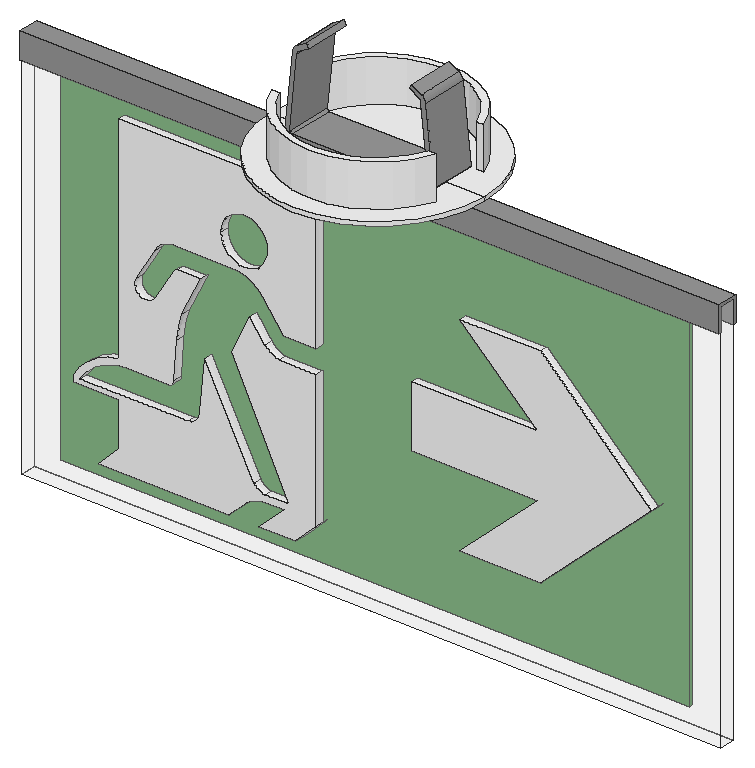
Revit family "NLRS_63_LF_UN_noodverlichting multled Stelar inbouw_hertek", category Lighting Fixtures, Revit 2021
Family settings
  Round Connector Dimension = Use Diameter
  Part Type = Normal
  OmniClass Number = 23.85.30.21
  OmniClass Title = Environmental Detection/Registration
  Work Plane-Based = No
  Always vertical = No
  Cut with Voids When Loaded = No
  Light Source = No
  Shared = Yes
  Room Calculation Point = Yes
Parameters (values of type "Multiled Stelar Series 3 dec AT inbouw wit_decentraal _hertek_NJD418-4")
  voorschakelapparaat = NLRS_63_LF_UN_voorschakelapparaat_hertek : spotlux 230v decentraal _hertek
  volgnummer [instance] = ""
  vermogensclassificatie = NV
  selecteer pictogram [instance] = NLRS_63_LF_UN_multiled stelar pictogram vluchtweg naar rechts NEN 7010_hertek : Multiled Series 3 picto vluchtroute rechts/links STELAR_hertek_NJA510-4
  afstand tot de muur [instance] = 0 mm
  afstand symbool vanaf het midden [instance] = 0 mm
  2D annotatie enkelzijdig zichtbaar [instance] = no
  2D annotatie dubbelzijdig zichtbaar [instance] = not([2D annotatie enkelzijdig zichtbaar])  # yes
  decentraal = not(centraal)  # yes
  centraal = no
  Wattage Comments = "5W"
  Type Comments = "Decentraal noodverlichtingarmatuur met volgende specificaties:\r\n\r\nType armatuur\t\t: Multiled Stelar Series-3\r\nProducent/leverancier\t: Hertek \r\nFunctie\t\t\t: Vluchtrouteaanduiding\r\nMateriaal behuizing\t                : Gecoat staal \r\nUitvoering voor\t\t: Perspex pictogramplaten\r\nMontagewijze\t\t: Inbouw  \r\nKleur\t\t\t: RAL 9003 Wit\r\nVoorzien van\t\t: Volautomatische zelftest Voedingsspanning\t                : 230VAC  \r\nFunctie\t\t\t: Continue \r\nOpgenomen vermogen\t: 3,5 Watt \r\nType lichtbron\t\t: 20 stuks laag vermogen LED’s \r\nLichtstroom nominaal\t: 150 lumen \r\nLichtstroom in nood\t                : 150 lumen \r\nAutonomietijd\t\t: 1 uur \r\nBatterij\t\t\t: LiFePO4\r\nAfmetingen\t\t: 300x170x92 mm (bxhxd)\r\nGewicht\t\t                :  \r\nWater- & stofdichtheid\t: IP 20  \r\nGarantie: 10 jaar op het armatuur en 8 jaar op de batterij\r\n\r\nLET OP: Armatuur wordt geleverd exclusief pictogramplaat.  Deze dient los besteld te worden!"
  NLRS_C_lengte = 92 mm
  NLRS_C_hoogte = 97 mm
  NLRS_C_code_artikel = "NJD418-4"
  NLRS_C_code [instance] = ""
  NLRS_C_breedte = 92 mm
  URL = ""
  NLRS_S_gewicht_netto = 1.40 kg
  NLRS_E_stroom = 0.0 A
  NLRS_E_spanning = 230 V
  NLRS_E_c01_schijnbaar_vermogen_fase_3 = 0 VA
  NLRS_E_c01_schijnbaar_vermogen_fase_2 = 0 VA
  NLRS_E_c01_schijnbaar_vermogen_fase_1 = 0 VA
  NLRS_E_c01_schijnbaar_vermogen = 5.4 VA
  NLRS_E_IPwaarde = 20
  NLRS_C_revit_versie = "2020"
  NLRS_C_omschrijving = "Multiled Stelar Series 3 dec AT inbouw wit LiFePo4 10/8YW"
  NLRS_C_model = "Multiled Stelar Series 3"
  NLRS_C_materiaal_kleur = "RAL9003"
  NLRS_C_materiaal = Staal-wit (RAL9003)
  NLRS_C_content_creator = "www.hertek.eu"
  NLRS_C_code_gtin = ""
  NLRS_C_code_fabrikant_gln = "8714253082646"  # constant formula
  NLRS_C_code_ETIM_url = "http://prod.etim-international.com/Class/Details?classId=EC001957"
  NLRS_C_code_ETIM = "EC001957"  # constant formula
  Model = ""
  Manufacturer = "Hertek"  # constant formula
  Lamp = "LED"
  IfcExportType = ""
  IfcExportAs = ""
  Description = ""
  Default Elevation = 0 mm
Reference planes
  plane 1 "Center (Front/Back)": y = 0
  plane 2: z = 0
  plane 3 "Center (Left/Right)": x = 0
  plane 4: x = -46
  plane 5: x = 46
  plane 6: y = 46
  plane 7: y = -46
  plane 8: z = 97
  plane 9: y = -250
Dimensions and locks
  equal spacing: plane 6, plane 1 "Center (Front/Back)", plane 7
  equal spacing: plane 4, plane 3 "Center (Left/Right)", plane 5
  "NLRS_C_breedte": plane 4 to plane 5
  "NLRS_C_lengte": plane 6 to plane 7
  "NLRS_C_hoogte": plane 8 to plane 2
  plane 1 "Center (Front/Back)" to plane 9 = 250 mm
  aligned and locked: nested 3 to plane 9
Nested families
  nested 1: "NLRS_63_LF_UN_noodverlichting multled stelar standaard inbouw_hertek_GEO_01" at (0, 0, -1.741), type "Multiled stelar_hertek"
    with NLRS_C_hoek_01 90.00°
  nested 2: "NLRS_63_LF_UN_voorschakelapparaat_hertek" at (-10, 95, 20), type <- "voorschakelapparaat", type "spotlux 230v decentraal _hertek", not visible
    with NLRS_C_hoek_01 0.00°, zichtbaar03 no, zichtbaar01 yes
  nested 3: "NLRS_65_GA_UN_noodverlichting_generiek_CGA" at (538.007, -250, 0), NLRS_C_code <- "NLRS_C_code", type "noodverlichting"
    with atdm 0 mm, afstand tot de muur 0 mm, afstand symbool vanaf midden 0 mm, afst mid plus 0 mm, afst mid min 0 mm, NLRS_C_code "", BMC Paneel ""
  nested 4: "NLRS_63_LF_UN_multiled stelar pictogram vluchtweg naar rechts NEN 7010_hertek" at (0, 95.5, -4.294), type <- "selecteer pictogram", afstand tot de muur <- "afstand tot de muur", afstand symbool vanaf het midden <- "afstand symbool vanaf het midden", dubbelzijdig zichtbaar <- "2D annotatie dubbelzijdig zichtbaar", type "Multiled Series 3 picto vluchtroute rechts/links STELAR_hertek_NJA510-4"
    with NLRS_C_code ""
Connectors
  electrical at (0, 0, 0), driven by "NLRS_E_spanning", driven by "NLRS_E_c01_schijnbaar_vermogen"
    settings: index 1, voltage 230 V, apparent load 0 VA, apparent load phase1 5.4 VA, apparent load phase2 0 VA, apparent load phase3 0 VA, power factor 1, load classification "Lighting", number of poles 1, system type 31, power factor state 1, is connector primary yes, connector utility no, sub classification motor no, connector description ""
Definition of nested family "NLRS_63_LF_UN_noodverlichting multled stelar standaard inbouw_hertek_GEO_01"
  Parameters (values of type "Multiled stelar_hertek")
    NLRS_C_lengte = 92 mm
    NLRS_C_hoogte = 41 mm
    NLRS_C_code_artikel = ""
    NLRS_C_breedte = 170 mm
    URL = ""
    NLRS_S_gewicht_netto = 0.00 kg
    NLRS_E_stroom = 0.0 A
    NLRS_E_spanning = 0 V
    NLRS_E_c01_schijnbaar_vermogen_fase_3 = 0 VA
    NLRS_E_c01_schijnbaar_vermogen_fase_2 = 0 VA
    NLRS_E_c01_schijnbaar_vermogen_fase_1 = 0 VA
    NLRS_E_c01_schijnbaar_vermogen = 0 VA
    NLRS_E_IPwaarde = 0
    NLRS_C_revit_versie = "2020"
    NLRS_C_omschrijving = ""
    NLRS_C_model = ""
    NLRS_C_materiaal_kleur = "RAL9003"
    NLRS_C_materiaal = none
    NLRS_C_hoek_01 [instance] = 90.00°
    NLRS_C_content_creator = "www.hertek.eu"
    NLRS_C_code_gtin = ""
    NLRS_C_code_fabrikant_gln = "8714253082646"  # constant formula
    NLRS_C_code_ETIM_url = ""
    NLRS_C_code_ETIM = ""
    Model = ""
    Manufacturer = "Hertek"  # constant formula
    IfcExportType = ""
    IfcExportAs = ""
    Description = ""
    Default Elevation = 1219.2 mm
  Types (2, lengths in mm): name | NLRS_C_hoogte | NLRS_C_revit_versie | NLRS_C_materiaal_kleur | NLRS_C_content_creator
    Multiled stelar_hertek | 41 | "2020" | "RAL9003" | "www.hertek.eu"
    spotlux aluminium_hertek | 35 | "2013" | "" | "www.cadac.com/aec"
  Reference planes
    plane 1 "Center (Front/Back)": y = 0
    plane 2: z = 0
    plane 3 "Center (Left/Right)": x = 0
    plane 4: x = -46
    plane 5: x = 46
    plane 6: y = 46
    plane 7: y = -46
    plane 8: z = 41
  Forms (mm)
    Revolve 1, solid, material <- "NLRS_C_materiaal"
      sketch origin (0, 0, -2.5) x (1, 0, 0) y (0, 0, 1)
        loop
          arc (-46, 2.5) -> (-37.122, 1.639) -> (-28.227, 0.961) r 430.415
          arc (-28.227, 0.961) -> (-14.138, 2.172) -> (0, 2.5) r 226.223
          line (0, 2.5) -> (0, 4.241) -> (-46, 4.241) -> (-46, 2.5)
        axis (0, 4.241) -> (0, 0.961)
      angle from 0 to 360
    Extrusion 2, solid, material <- "NLRS_C_materiaal"
      sketch origin (0, 0, 0) x (1, 0, 0) y (0, 1, 0)
        loop
          arc (-31.85, 12.924) -> (0.132, 34.487) -> (32.115, 12.924) r 34.5
          line (32.115, 12.924) -> (35.33, 12.924)
          arc (35.33, 12.924) -> (0.132, 37.487) -> (-35.065, 12.924) r 37.5
          line (-35.065, 12.924) -> (-31.85, 12.924)
        loop
          arc (-35.075, -12.924) -> (0.132, -37.513) -> (35.34, -12.924) r 37.5
          line (35.34, -12.924) -> (32.126, -12.924)
          arc (32.126, -12.924) -> (0.132, -34.513) -> (-31.861, -12.924) r 34.5
          line (-31.861, -12.924) -> (-35.075, -12.924)
      from 1.741 to 19.941
    Extrusion 3, solid
      sketch origin (0, 10, 0) x (1, 0, 0) y (0, 0, 1)
        loop
          line (-22.561, 41) -> (-26.712, 38.604)
          arc (-26.712, 38.604) -> (-27.979, 37.414) -> (-28.645, 35.809) r 4.135
          line (-28.645, 35.809) -> (-31.85, 3.914) -> (-29.678, 1.741) -> (29.678, 1.741) -> (31.85, 3.914) -> (28.645, 35.809)
          arc (28.645, 35.809) -> (27.979, 37.414) -> (26.712, 38.604) r 4.135
          line (26.712, 38.604) -> (22.561, 41) -> (21.561, 39.268) -> (25.693, 36.882)
          arc (25.693, 36.882) -> (26.319, 36.298) -> (26.664, 35.515) r 2.135
          line (26.664, 35.515) -> (29.765, 4.657) -> (28.849, 3.741) -> (-28.849, 3.741) -> (-29.765, 4.657) -> (-26.664, 35.515)
          arc (-26.664, 35.515) -> (-26.319, 36.298) -> (-25.693, 36.882) r 2.135
          line (-25.693, 36.882) -> (-21.561, 39.268) -> (-22.561, 41)
      from 0 to 20
  Dimensions and locks
    equal spacing: plane 6, plane 1 "Center (Front/Back)", plane 7
    equal spacing: plane 4, plane 3 "Center (Left/Right)", plane 5
    "NLRS_C_lengte": plane 4 to plane 5
    "NLRS_C_lengte": plane 6 to plane 7
    "NLRS_C_hoogte": plane 8 to plane 2
    aligned and locked: Revolve 1 to Extrusion 2
  Automatic sketch dimensions
    Revolve 1 sketch curve to level = 0 mm  (x2)
    Revolve 1 sketch curve to plane 4 = 0 mm
    Revolve 1 sketch curve to plane 3 "Center (Left/Right)" = 0 mm  (x3)
    Revolve 1 sketch curve to plane 3 "Center (Left/Right)" = 1.825 mm
    Revolve 1 sketch curve to level = 226.216 mm
    Revolve 1 sketch curve to Revolve 1 sketch curve = 1.741 mm
    plane 8 to Revolve 1 sketch curve = 386.95 mm
    Revolve 1 sketch curve to level = 2.5 mm
    Revolve 1 sketch curve to plane 8 = 2.5 mm
    Extrusion 2 sketch curve to Extrusion 2 sketch curve = 0 mm  (x6)
    plane 1 "Center (Front/Back)" to Extrusion 2 sketch curve = 0.013 mm
    plane 3 "Center (Left/Right)" to Extrusion 2 sketch curve = 0.132 mm
    Extrusion 2 sketch curve to plane 1 "Center (Front/Back)" = 12.924 mm
    Extrusion 2 sketch curve to Extrusion 2 sketch curve = 3.204 mm  (x2)
    Extrusion 2 sketch curve to Extrusion 2 sketch curve = 3.215 mm
    Extrusion 2 sketch curve to Extrusion 2 sketch curve = 3.214 mm  (x2)
    plane 4 to Extrusion 2 sketch curve = 10.935 mm
    plane 1 "Center (Front/Back)" to Extrusion 2 sketch curve = 12.924 mm
    Extrusion 3 sketch curve to Extrusion 3 sketch curve = 0 mm  (x4)
    Extrusion 3 sketch curve to plane 8 = 0 mm  (x2)
    level to Extrusion 3 sketch curve = 3.914 mm  (x2)
    plane 4 to Extrusion 3 sketch curve = 14.15 mm
    level to Extrusion 3 sketch curve = 4.657 mm  (x2)
    Extrusion 3 sketch curve to Extrusion 3 sketch curve = 2.085 mm  (x2)
    Extrusion 3 sketch curve to Extrusion 3 sketch curve = 0.088 mm
    level to Extrusion 3 sketch curve = 3.741 mm
    Extrusion 3 sketch curve to Extrusion 3 sketch curve = 0.916 mm  (x2)
    Extrusion 3 sketch curve to plane 8 = 5.191 mm  (x2)
    plane 4 to Extrusion 3 sketch curve = 17.355 mm
    Extrusion 3 sketch curve to plane 8 = 2.396 mm  (x2)
    Extrusion 3 sketch curve to Extrusion 3 sketch curve = 1.933 mm
    Extrusion 3 sketch curve to plane 8 = 5.485 mm  (x2)
    Extrusion 3 sketch curve to Extrusion 3 sketch curve = 1.98 mm
    Extrusion 3 sketch curve to plane 8 = 4.118 mm  (x2)
    Extrusion 3 sketch curve to Extrusion 3 sketch curve = 0.971 mm  (x2)
    Extrusion 3 sketch curve to Extrusion 3 sketch curve = 4.151 mm
    Extrusion 3 sketch curve to plane 8 = 1.732 mm
    plane 3 "Center (Left/Right)" to Extrusion 3 sketch curve = 21.561 mm
    Extrusion 3 sketch curve to Extrusion 3 sketch curve = 1 mm
    Extrusion 3 sketch curve to Extrusion 3 sketch curve = 3.017 mm
    plane 5 to Extrusion 3 sketch curve = 17.151 mm
    Extrusion 3 sketch curve to Extrusion 3 sketch curve = 0.828 mm
    level to Extrusion 3 sketch curve = 1.741 mm
Definition of nested family "NLRS_63_LF_UN_voorschakelapparaat_hertek"
  Parameters
    zichtbaar03 = yes
    zichtbaar02 = no
    zichtbaar01 = no
    NLRS_C_materiaal_01 = none
    NLRS_C_lengte = 250 mm
    NLRS_C_hoogte = 97 mm
    NLRS_C_code_artikel = ""
    NLRS_C_breedte = 59 mm
    URL = ""
    NLRS_S_gewicht_netto = 0.00 kg
    NLRS_E_stroom = 0.0 A
    NLRS_E_spanning = 0 V
    NLRS_E_c01_schijnbaar_vermogen_fase_3 = 0 VA
    NLRS_E_c01_schijnbaar_vermogen_fase_2 = 0 VA
    NLRS_E_c01_schijnbaar_vermogen_fase_1 = 0 VA
    NLRS_E_c01_schijnbaar_vermogen = 0 VA
    NLRS_E_IPwaarde = 0
    NLRS_C_revit_versie = "2013"
    NLRS_C_omschrijving = ""
    NLRS_C_model = ""
    NLRS_C_materiaal_kleur = ""
    NLRS_C_materiaal = none
    NLRS_C_hoek_01 [instance] = 90.00°
    NLRS_C_content_creator = "www.cadac.com/aec"
    NLRS_C_code_gtin = ""
    NLRS_C_code_fabrikant_gln = "8714253082646"  # constant formula
    NLRS_C_code_ETIM_url = ""
    NLRS_C_code_ETIM = ""
    Model = ""
    Manufacturer = "Hertek"  # constant formula
    IfcExportType = ""
    IfcExportAs = ""
    Description = ""
    Default Elevation = 1219.2 mm
  Reference planes
    plane 1 "Center (Front/Back)": y = 0
    plane 2: z = 0
    plane 3 "Center (Left/Right)": x = 0
    plane 4: x = -125
    plane 5: x = 125
    plane 6: y = 29.5
    plane 7: y = -29.5
    plane 8: z = 97
    plane 9 "afdekplaat 1": through (0, -4572, 63.078) normal (-0.9925, 0, 0.1219)
    plane 10 "afdekplaat 2": through (-87.173, -4572, 39.615) normal (-0.3411, 0, -0.94)
  Forms (mm)
    Extrusion 1, solid, material <- "NLRS_C_materiaal_01", visible <- "zichtbaar01"
      sketch origin (0, 0, 0) x (1, 0, 0) y (0, 0, 1)
        loop
          line (-101.499, 0.133) -> (-75.305, 72.324) -> (117.666, 48.63) -> (125, 61.333) -> (76.743, 78.843) -> (-73.681, 97.312) -> (-97.252, 85.133) -> (-125, 8.66) -> (-101.499, 0.133)
      from -29.5 to 29.5
    Extrusion 2, solid, material <- "NLRS_C_materiaal", visible <- "zichtbaar01"
      sketch origin (-3.365, 0, 35.676) x (-0.121869, 0, -0.992546) y (0, -1, 0)
        loop
          line (-47.607, 29.5) -> (-47.607, 30.5) -> (-53.607, 30.5) -> (-53.607, -30.5) -> (-47.607, -30.5) -> (-47.607, -29.5) -> (-52.607, -29.5) -> (-52.607, 29.5) -> (-47.607, 29.5)
      from -74.25 to 77.304
    Extrusion 3, solid, material <- "NLRS_C_materiaal", visible <- "zichtbaar01"
      sketch origin (-10.15, 0, 11.667) x (0.940032, 0, -0.341088) y (0, -1, 0)
        loop
          line (-107.937, 30.5) -> (-107.937, -30.5) -> (-102.937, -30.5) -> (-102.937, -29.5) -> (-106.937, -29.5) -> (-106.937, 29.5) -> (-102.937, 29.5) -> (-102.937, 30.5) -> (-107.937, 30.5)
      from -39.266 to 42
    Extrusion 4, solid, material <- "NLRS_C_materiaal_01", visible <- "zichtbaar02"
      sketch origin (-2.879, 0, -62.607) x (0.992546, 0, 0.121869) y (-0.121869, 0, 0.992546)
        loop
          line (-92.015, 87.839) -> (-96.692, 74.95) -> (117.666, 48.63) -> (125, 61.333) -> (76.743, 78.843) -> (-73.681, 97.312) -> (-92.015, 87.839)
      from -29.5 to 29.5
    Extrusion 5, solid, material <- "NLRS_C_materiaal_01", visible <- "zichtbaar03"
      sketch origin (-2.879, 0, -62.607) x (0.992546, 0, 0.121869) y (-0.121869, 0, 0.992546)
        loop
          line (-47.351, 82.355) -> (-52.027, 69.466) -> (107.741, 49.849) -> (115.075, 62.551) -> (66.818, 80.061) -> (-29.016, 91.828) -> (-47.351, 82.355)
      from -29.5 to 29.5
    Extrusion 6, solid, material <- "NLRS_C_materiaal", visible <- "zichtbaar02"
      sketch origin (-10.843, 0, -27.607) x (0, 0, -1) y (0, -1, 0)
        loop
          line (-47.607, 29.5) -> (-47.607, 30.5) -> (-53.607, 30.5) -> (-53.607, -30.5) -> (-47.607, -30.5) -> (-47.607, -29.5) -> (-52.607, -29.5) -> (-52.607, 29.5) -> (-47.607, 29.5)
      from -74.25 to 74.157
    Extrusion 7, solid, material <- "NLRS_C_materiaal", visible <- "zichtbaar03"
      sketch origin (-0.046, 0, -27.607) x (0, 0, -1) y (0, -1, 0)
        loop
          line (-47.607, 29.5) -> (-47.607, 30.5) -> (-53.607, 30.5) -> (-53.607, -30.5) -> (-47.607, -30.5) -> (-47.607, -29.5) -> (-52.607, -29.5) -> (-52.607, 29.5) -> (-47.607, 29.5)
      from -50.837 to 39.954
  Dimensions and locks
    equal spacing: plane 6, plane 1 "Center (Front/Back)", plane 7
    equal spacing: plane 4, plane 3 "Center (Left/Right)", plane 5
    "NLRS_C_lengte": plane 4 to plane 5
    "NLRS_C_breedte": plane 6 to plane 7
    "NLRS_C_hoogte": plane 8 to plane 2
    aligned and locked: Extrusion 1 to plane 6
    aligned and locked: Extrusion 1 to plane 7
  Automatic sketch dimensions
    Extrusion 1 sketch curve to plane 4 = 0 mm
    plane 5 to Extrusion 1 sketch curve = 0 mm
    level to Extrusion 1 sketch curve = 0.133 mm
    plane 4 to Extrusion 1 sketch curve = 23.501 mm
    Extrusion 1 sketch curve to plane 8 = 11.867 mm
    plane 4 to Extrusion 1 sketch curve = 27.748 mm
    Extrusion 1 sketch curve to plane 8 = 24.676 mm
    plane 8 to Extrusion 1 sketch curve = 0.312 mm
    Extrusion 1 sketch curve to Extrusion 1 sketch curve = 1.624 mm
    Extrusion 1 sketch curve to plane 8 = 18.157 mm
    plane 5 to Extrusion 1 sketch curve = 48.257 mm
    plane 5 to Extrusion 1 sketch curve = 7.334 mm
    Extrusion 1 sketch curve to plane 8 = 48.37 mm
    Extrusion 1 sketch curve to Extrusion 1 sketch curve = 12.703 mm
    plane 6 to Extrusion 2 sketch curve = 0 mm
    Extrusion 2 sketch curve to plane 7 = 0 mm
    Extrusion 2 sketch curve to plane 6 = 1 mm
    Extrusion 2 sketch curve to plane 7 = 1 mm
    Extrusion 2 sketch curve to Extrusion 2 sketch curve = 1 mm
    Extrusion 2 sketch curve to Extrusion 2 sketch curve = 5 mm  (x2)
    plane 7 to Extrusion 3 sketch curve = 0 mm
    Extrusion 3 sketch curve to plane 6 = 0 mm
    Extrusion 3 sketch curve to plane 7 = 1 mm
    Extrusion 3 sketch curve to plane 6 = 1 mm
    Extrusion 3 sketch curve to Extrusion 3 sketch curve = 1 mm
    Extrusion 3 sketch curve to Extrusion 3 sketch curve = 4 mm  (x2)
    Extrusion 4 sketch curve to level = 0 mm  (x2)
    plane 4 to Extrusion 4 sketch curve = 17.016 mm
    plane 5 to Extrusion 4 sketch curve = 17.016 mm
    Extrusion 4 sketch curve to Extrusion 4 sketch curve = 4.677 mm
    Extrusion 4 sketch curve to Extrusion 4 sketch curve = 18.334 mm
    Extrusion 4 sketch curve to Extrusion 4 sketch curve = 40.923 mm
    Extrusion 4 sketch curve to Extrusion 4 sketch curve = 7.334 mm
    Extrusion 4 sketch curve to Extrusion 4 sketch curve = 12.703 mm
    Extrusion 4 sketch curve to Extrusion 4 sketch curve = 30.212 mm
    Extrusion 4 sketch curve to Extrusion 4 sketch curve = 12.889 mm
    Extrusion 4 sketch curve to Extrusion 4 sketch curve = 9.473 mm
    Extrusion 5 sketch curve to level = 0 mm  (x2)
    plane 10 "afdekplaat 2" to Extrusion 5 sketch curve = 28.988 mm
    Extrusion 5 sketch curve to plane 10 "afdekplaat 2" = 25.916 mm
    Extrusion 5 sketch curve to Extrusion 5 sketch curve = 4.677 mm
    Extrusion 5 sketch curve to Extrusion 5 sketch curve = 18.334 mm
    Extrusion 5 sketch curve to Extrusion 5 sketch curve = 40.923 mm
    Extrusion 5 sketch curve to Extrusion 5 sketch curve = 7.334 mm
    Extrusion 5 sketch curve to Extrusion 5 sketch curve = 12.703 mm
    Extrusion 5 sketch curve to Extrusion 5 sketch curve = 30.212 mm
    Extrusion 5 sketch curve to Extrusion 5 sketch curve = 12.889 mm
    Extrusion 5 sketch curve to Extrusion 5 sketch curve = 9.473 mm
    Extrusion 6 sketch curve to plane 6 = 0 mm
    Extrusion 6 sketch curve to plane 7 = 0 mm
    Extrusion 6 sketch curve to plane 6 = 1 mm
    level to Extrusion 6 sketch curve = 26 mm
    Extrusion 6 sketch curve to plane 7 = 1 mm
    Extrusion 6 sketch curve to Extrusion 6 sketch curve = 1 mm
    Extrusion 6 sketch curve to Extrusion 6 sketch curve = 5 mm  (x2)
    Extrusion 7 sketch curve to plane 6 = 0 mm
    Extrusion 7 sketch curve to plane 7 = 0 mm
    Extrusion 7 sketch curve to plane 6 = 1 mm
    level to Extrusion 7 sketch curve = 26 mm
    Extrusion 7 sketch curve to plane 7 = 1 mm
    Extrusion 7 sketch curve to Extrusion 7 sketch curve = 1 mm
    Extrusion 7 sketch curve to Extrusion 7 sketch curve = 5 mm  (x2)
Definition of nested family "NLRS_63_LF_UN_multiled stelar pictogram vluchtweg naar rechts NEN 7010_hertek"
  Parameters (values of type "Multiled Series 3 picto vluchtroute rechts/links STELAR_hertek_NJA510-4")
    lengte pictogram = NLRS_C_lengte  # 270 mm
    hv = -1 * NLRS_C_hoogte  # -150 mm
    hoogte pictogram = NLRS_C_hoogte / 2  # 75 mm
    dubbelzijdig zichtbaar [instance] = yes
    afstand tot de muur [instance] = 0 mm
    afstand symbool vanaf het midden [instance] = 0 mm
    NLRS_C_revit_versie = "2020"
    NLRS_C_omschrijving = "Multiled Series 3 picto vluchtroute rechts/links STELAR"
    NLRS_C_model = "Multiled Stelar vluchtweg naar rechts/links"
    NLRS_C_materiaal_kleur = "groen"
    NLRS_C_materiaal_02 = none
    NLRS_C_materiaal_01 = none
    NLRS_C_materiaal = none
    NLRS_C_lengte_01 = 300 mm
    NLRS_C_lengte = 270 mm
    NLRS_C_hoogte_01 = 170 mm
    NLRS_C_hoogte = 150 mm
    NLRS_C_dikte_01 = 7 mm
    NLRS_C_dikte = 1.5 mm
    NLRS_C_diepte = 70 mm
    NLRS_C_content_creator = "www.hertek.eu"
    NLRS_C_code_fabrikant_gln = "8714253082646"  # constant formula
    NLRS_C_code_artikel = "NJA510-4"
    NLRS_C_code [instance] = ""
    Manufacturer = "Hertek"  # constant formula
    IfcExportType = ""
    IfcExportAs = ""
    Description = ""
    Default Elevation = 0 mm
    Assembly Code = ""
    Apparent Load = 15 VA
  Reference planes
    plane 1 "Light Source Axis (F/B)": y = -95.5
    plane 2: z = 0
    plane 3 "Light Source Axis (L/R)": x = 0
    plane 4 "Light Source Elevation": z = -160
    plane 5 "Cadac Group AEC": y = -95.5
    plane 6: y = -95.5
    plane 7: z = -10
    plane 8: x = -135
    plane 9: x = 135
    plane 10: y = -99
    plane 11: y = -92
    plane 12: x = -150
    plane 13: x = 150
    plane 14: z = -170
    plane 15: z = 0
  Forms (mm)
    Extrusion 1, solid, material <- "NLRS_C_materiaal", detail levels medium+fine
      sketch origin (0, 290, 145) x (-1, 0, 0) y (0, -1, 0)
        loop
          line (135, 385.5) -> (135, 387) -> (-135, 387) -> (-135, 385.5) -> (135, 385.5)
      from -305 to -155
    Extrusion 2, solid, material <- "NLRS_C_materiaal_02"
      sketch origin (135, -97, 145) x (-1, 0, 0) y (0, 0, -1)
        loop
          line (285, 315) -> (-15, 315) -> (-15, 145) -> (285, 145) -> (285, 315)
      from -5 to 2
    Extrusion 3, solid
      sketch origin (0, -98.5, 0) x (0, -1, 0) y (0, 0, 1)
        loop
          line (-6.5, -10) -> (-6.5, 0) -> (0.5, 0) -> (0.5, -10) -> (1.5, -10) -> (1.5, 1) -> (-7.5, 1) -> (-7.5, -10) -> (-6.5, -10)
      from -150 to 150
    Extrusion 4, solid, material <- "NLRS_C_materiaal", detail levels medium+fine
      sketch origin (0, 290, 145) x (1, 0, 0) y (0, 1, 0)
        loop
          line (135, -385.5) -> (-135, -385.5) -> (-135, -387) -> (135, -387) -> (135, -385.5)
      from -305 to -155
    Extrusion 5, solid, material <- "NLRS_C_materiaal_01", detail levels medium+fine
      sketch origin (-165, -95, 145) x (1, 0, 0) y (0, 0, 1)
        loop
          line (94.807, -241.643) -> (92.64, -262.808)
          arc (92.64, -262.808) -> (91.052, -266.64) -> (87.22, -268.228) r 5.42
          line (87.22, -268.228) -> (41.145, -268.228)
          arc (41.145, -268.228) -> (49.654, -260.113) -> (61.035, -257.16) r 23.406
          line (61.035, -257.16) -> (79.176, -257.16)
          arc (79.176, -257.16) -> (80.87, -256.458) -> (81.572, -254.764) r 2.396
          line (81.572, -254.764) -> (82.599, -238.905)
          arc (82.599, -238.905) -> (83.382, -233.393) -> (84.995, -228.065) r 36.444
          line (84.995, -228.065) -> (93.039, -211.807) -> (82.941, -211.807)
          arc (82.941, -211.807) -> (82.093, -212.202) -> (81.458, -212.891) r 2.419
          line (81.458, -212.891) -> (73.491, -225.88)
          arc (73.491, -225.88) -> (66.986, -227.439) -> (65.427, -220.934) r 4.73
          line (65.427, -220.934) -> (73.528, -207.471)
          arc (73.528, -207.471) -> (77.605, -203.745) -> (83.055, -202.85) r 9.697
          line (83.055, -202.85) -> (109.07, -202.85)
          arc (109.07, -202.85) -> (115.032, -205.1) -> (119.74, -209.395) r 16.93
          line (119.74, -209.395) -> (128.58, -221.22) -> (142.5, -221.22) -> (142.5, -162.503) -> (57.783, -162.503) -> (57.783, -254.814)
          arc (57.783, -254.814) -> (46.546, -259.03) -> (38.407, -267.849) r 25.957
          line (38.407, -267.849) -> (38.407, -270.645) -> (57.783, -270.645) -> (57.783, -289.621) -> (49.118, -298.285) -> (105.079, -298.285) -> (113.086, -290.811)
          arc (113.086, -290.811) -> (116.143, -288.798) -> (119.694, -287.909) r 10.907
          line (119.694, -287.909) -> (128.865, -287.909) -> (118.031, -298.285) -> (133.836, -298.285) -> (142.5, -289.621) -> (142.5, -231.089) -> (126.298, -231.089)
          arc (126.298, -231.089) -> (123.081, -229.684) -> (120.536, -227.267) r 10.138
          line (120.536, -227.267) -> (114.204, -218.71) -> (106.388, -235.082) -> (130.748, -285) -> (120.536, -285)
          arc (120.536, -285) -> (117.862, -284.27) -> (115.93, -282.283) r 5.263
          line (115.93, -282.283) -> (94.807, -241.643)
        loop
          line (183.555, -219.481) -> (183.555, -246.121) -> (237.805, -246.121) -> (204.302, -277.363) -> (238.94, -277.363) -> (286.727, -232.801) -> (238.94, -188.238) -> (204.302, -188.238) -> (237.805, -219.481) -> (183.555, -219.481)
        loop
          circle (111.735, -190.68) r 10.133
      from -4.807 to 5.5
  Dimensions and locks
    equal spacing: Extrusion 1 sketch curve, plane 3 "Light Source Axis (L/R)", Extrusion 1 sketch curve
    "lengte pictogram": Extrusion 1 sketch curve to Extrusion 1 sketch curve
    "NLRS_C_dikte": Extrusion 1 sketch curve to Extrusion 1 sketch curve
    "NLRS_C_hoogte": plane 7 to plane 4 "Light Source Elevation"
    "afstand tot de muur": plane 6 to plane 1 "Light Source Axis (F/B)"
    "NLRS_C_hoogte_01": plane 15 to plane 14
    "NLRS_C_lengte_01": plane 12 to plane 13
    equal spacing: plane 12, plane 3 "Light Source Axis (L/R)", plane 13
    "NLRS_C_lengte": plane 8 to plane 9
    equal spacing: plane 8, plane 3 "Light Source Axis (L/R)", plane 9
    "NLRS_C_dikte_01": plane 11 to plane 10
    equal spacing: plane 11, plane 1 "Light Source Axis (F/B)", plane 10
    Extrusion 4 sketch curve to Extrusion 4 sketch curve = 270 mm
    "lengte pictogram": Extrusion 4 sketch curve to Extrusion 4 sketch curve
    "NLRS_C_dikte": Extrusion 4 sketch curve to Extrusion 4 sketch curve
    aligned: Extrusion 1 to plane 4 "Light Source Elevation"
    aligned and locked: plane 5 "Cadac Group AEC" to plane 1 "Light Source Axis (F/B)"
    aligned: level to plane 2
    aligned and locked: plane 4 "Light Source Elevation" to Extrusion 1
    aligned and locked: Extrusion 1 to plane 1 "Light Source Axis (F/B)"
    aligned and locked: plane 7 to Extrusion 1
    aligned and locked: plane 3 "Light Source Axis (L/R)" to nested 1
    aligned and locked: Extrusion 2 sketch curve to plane 14
    aligned and locked: plane 12 to Extrusion 2 sketch curve
    aligned and locked: plane 15 to Extrusion 2 sketch curve
    aligned and locked: Extrusion 2 sketch curve to plane 13
    aligned and locked: plane 11 to Extrusion 2
    aligned and locked: Extrusion 2 to plane 13  (x2)
    aligned and locked: Extrusion 2 to plane 10
    aligned and locked: plane 13 to Extrusion 2
    aligned and locked: Extrusion 2 to plane 11
    aligned and locked: plane 12 to Extrusion 2  (x2)
    aligned and locked: plane 15 to Extrusion 2
    aligned and locked: Extrusion 2 to plane 14
    aligned and locked: Extrusion 1 to plane 7
    aligned and locked: Extrusion 1 to plane 9
    aligned and locked: Extrusion 1 to plane 4 "Light Source Elevation"
    aligned and locked: plane 8 to Extrusion 1
  Automatic sketch dimensions
    plane 1 "Light Source Axis (F/B)" to Extrusion 1 sketch curve = 0 mm
    Extrusion 3 sketch curve to plane 7 = 0 mm  (x2)
    Extrusion 3 sketch curve to plane 11 = 0 mm
    Extrusion 3 sketch curve to plane 10 = 0 mm
    Extrusion 3 sketch curve to level = 0 mm
    plane 11 to Extrusion 3 sketch curve = 1 mm
    Extrusion 3 sketch curve to plane 10 = 1 mm
    level to Extrusion 3 sketch curve = 1 mm
    plane 1 "Light Source Axis (F/B)" to Extrusion 4 sketch curve = 0 mm
    Extrusion 4 sketch curve to plane 8 = 0 mm
    Extrusion 5 sketch curve to Extrusion 5 sketch curve = 0 mm  (x4)
    Extrusion 5 sketch curve to plane 8 = 8.407 mm
    Extrusion 5 sketch curve to Extrusion 5 sketch curve = 2.738 mm  (x2)
    Extrusion 5 sketch curve to plane 4 "Light Source Elevation" = 6.715 mm  (x2)
    Extrusion 5 sketch curve to plane 8 = 19.118 mm
    Extrusion 5 sketch curve to Extrusion 5 sketch curve = 8.664 mm  (x4)
    Extrusion 5 sketch curve to Extrusion 5 sketch curve = 3.252 mm
    Extrusion 5 sketch curve to Extrusion 5 sketch curve = 7.645 mm
    Extrusion 5 sketch curve to Extrusion 5 sketch curve = 4.032 mm  (x2)
    Extrusion 5 sketch curve to Extrusion 5 sketch curve = 8.101 mm
    Extrusion 5 sketch curve to Extrusion 5 sketch curve = 18.141 mm
    Extrusion 5 sketch curve to Extrusion 5 sketch curve = 7.93 mm
    Extrusion 5 sketch curve to Extrusion 5 sketch curve = 2.396 mm  (x2)
    Extrusion 5 sketch curve to Extrusion 5 sketch curve = 0.379 mm
    Extrusion 5 sketch curve to Extrusion 5 sketch curve = 1.027 mm
    Extrusion 5 sketch curve to Extrusion 5 sketch curve = 1.104 mm
    Extrusion 5 sketch curve to Extrusion 5 sketch curve = 0.114 mm
    Extrusion 5 sketch curve to Extrusion 5 sketch curve = 1.682 mm
    Extrusion 5 sketch curve to Extrusion 5 sketch curve = 8.044 mm  (x2)
    Extrusion 5 sketch curve to plane 4 "Light Source Elevation" = 42.192 mm
    Extrusion 5 sketch curve to Extrusion 5 sketch curve = 5.42 mm
    Extrusion 5 sketch curve to Extrusion 5 sketch curve = 9.519 mm
    Extrusion 5 sketch curve to Extrusion 5 sketch curve = 12.208 mm
    Extrusion 5 sketch curve to Extrusion 5 sketch curve = 17.859 mm
    Extrusion 5 sketch curve to Extrusion 5 sketch curve = 13.142 mm
    Extrusion 5 sketch curve to Extrusion 5 sketch curve = 11.581 mm
    Extrusion 5 sketch curve to Extrusion 5 sketch curve = 2.889 mm
    Extrusion 5 sketch curve to Extrusion 5 sketch curve = 2.665 mm
    Extrusion 5 sketch curve to plane 4 "Light Source Elevation" = 14.189 mm
    Extrusion 5 sketch curve to Extrusion 5 sketch curve = 8.007 mm
    Extrusion 5 sketch curve to Extrusion 5 sketch curve = 8.023 mm
    Extrusion 5 sketch curve to plane 4 "Light Source Elevation" = 22.717 mm
    Extrusion 5 sketch curve to Extrusion 5 sketch curve = 2.844 mm
    Extrusion 5 sketch curve to Extrusion 5 sketch curve = 4.944 mm
    Extrusion 5 sketch curve to Extrusion 5 sketch curve = 12.579 mm
    Extrusion 5 sketch curve to Extrusion 5 sketch curve = 3.764 mm
    Extrusion 5 sketch curve to Extrusion 5 sketch curve = 5.536 mm
    Extrusion 5 sketch curve to Extrusion 5 sketch curve = 2.498 mm
    Extrusion 5 sketch curve to Extrusion 5 sketch curve = 6.332 mm
    Extrusion 5 sketch curve to Extrusion 5 sketch curve = 0.842 mm
    Extrusion 5 sketch curve to Extrusion 5 sketch curve = 5.762 mm
    Extrusion 5 sketch curve to Extrusion 5 sketch curve = 0.105 mm
    Extrusion 5 sketch curve to Extrusion 5 sketch curve = 8.329 mm
    Extrusion 5 sketch curve to Extrusion 5 sketch curve = 1.883 mm
    Extrusion 5 sketch curve to Extrusion 5 sketch curve = 4.97 mm
    Extrusion 5 sketch curve to plane 7 = 7.503 mm
    Extrusion 5 sketch curve to plane 3 "Light Source Axis (L/R)" = 22.5 mm
    plane 3 "Light Source Axis (L/R)" to Extrusion 5 sketch curve = 18.555 mm
    Extrusion 5 sketch curve to Extrusion 5 sketch curve = 20.747 mm  (x2)
    Extrusion 5 sketch curve to Extrusion 5 sketch curve = 33.503 mm
    Extrusion 5 sketch curve to Extrusion 5 sketch curve = 1.134 mm  (x2)
    plane 9 to Extrusion 5 sketch curve = 13.273 mm
    Extrusion 5 sketch curve to Extrusion 5 sketch curve = 0.499 mm
    Extrusion 5 sketch curve to Extrusion 5 sketch curve = 2.909 mm
    Extrusion 5 sketch curve to Extrusion 5 sketch curve = 9.055 mm
    Extrusion 5 sketch curve to plane 4 "Light Source Elevation" = 27.637 mm
    Extrusion 5 sketch curve to Extrusion 5 sketch curve = 9.922 mm
    Extrusion 5 sketch curve to Extrusion 5 sketch curve = 0.378 mm
    Extrusion 5 sketch curve to Extrusion 5 sketch curve = 31.242 mm
    Extrusion 5 sketch curve to Extrusion 5 sketch curve = 13.121 mm
    Extrusion 5 sketch curve to Extrusion 5 sketch curve = 0.384 mm
    Extrusion 5 sketch curve to Extrusion 5 sketch curve = 6.561 mm
    Extrusion 5 sketch curve to Extrusion 5 sketch curve = 13.32 mm
    Extrusion 5 sketch curve to Extrusion 5 sketch curve = 10.17 mm
    Extrusion 5 sketch curve to Extrusion 5 sketch curve = 3.822 mm
    Extrusion 5 sketch curve to Extrusion 5 sketch curve = 2.185 mm
    Extrusion 5 sketch curve to Extrusion 5 sketch curve = 2.473 mm
    Extrusion 5 sketch curve to Extrusion 5 sketch curve = 0.017 mm
    Extrusion 5 sketch curve to Extrusion 5 sketch curve = 15.551 mm
    Extrusion 5 sketch curve to Extrusion 5 sketch curve = 26.641 mm
    Extrusion 5 sketch curve to Extrusion 5 sketch curve = 0.822 mm
    Extrusion 5 sketch curve to Extrusion 5 sketch curve = 13.91 mm
    Extrusion 5 sketch curve to Extrusion 5 sketch curve = 1.265 mm
    Extrusion 5 sketch curve to Extrusion 5 sketch curve = 0.42 mm
    Extrusion 5 sketch curve to Extrusion 5 sketch curve = 9.315 mm
    Extrusion 5 sketch curve to Extrusion 5 sketch curve = 12.17 mm
    Extrusion 5 sketch curve to plane 7 = 33.238 mm
    radius of Extrusion 5 sketch curve = 10.133 mm
  Nested families
    nested 1: "NLRS_63_GA_UN_vluchtweg pijl naar links_CGA" at (0, -95.5, 0) x (-1, 0, 0) z (0, 0, 1), afstand symbool vanaf midden <- "afstand symbool vanaf het midden", afstand tot de muur <- "afstand tot de muur", visible <- "dubbelzijdig zichtbaar", type "vluchtweg pijl naar links"
      with afstand tot de muur 0 mm, afstand symbool vanaf midden 0 mm, afst voor plus 0 mm, afst voor min 0 mm, afst mid plus 0 mm, afst mid min 0 mm
    nested 2: "NLRS_63_GA_UN_vluchtweg pijl naar links_CGA" at (0, -95.5, 0) x (-1, 0, 0) z (0, 0, 1), afstand symbool vanaf midden <- "afstand symbool vanaf het midden", afstand tot de muur <- "afstand tot de muur", type "vluchtweg pijl naar links"
      with afstand tot de muur 0 mm, afstand symbool vanaf midden 0 mm, afst voor plus 0 mm, afst voor min 0 mm, afst mid plus 0 mm, afst mid min 0 mm
  Definition of nested family "NLRS_63_GA_UN_vluchtweg pijl naar links_CGA"
    Parameters
      content_version = "3.5"  # constant formula
      content_modified_date = ""  # constant formula
      content_creation_date = "06-12-2013"  # constant formula
      afstand tot de muur [instance] = 0 mm
      afstand symbool vanaf midden [instance] = 0 mm
      afst voor plus [instance] = if(afstand tot de muur > 0 mm, afstand tot de muur, 0 mm)  # 0 mm
      afst voor min [instance] = if(afstand tot de muur < 0 mm, -1 * afstand tot de muur, 0 mm)  # 0 mm
      afst mid plus [instance] = if(afstand symbool vanaf midden > 0 mm, afstand symbool vanaf midden, 0 mm)  # 0 mm
      afst mid min [instance] = if(afstand symbool vanaf midden < 0 mm, -1 * afstand symbool vanaf midden, 0 mm)  # 0 mm
      Description = "vluchtweg pijl naar links"  # constant formula
      Copyright © Cadac = "www.cadac.com/aec"
    Reference planes
      plane 1: y = 0
      plane 2: x = 0
    Lines and regions (mm)
      reference lines, not visible
        curve 1: line (0, -1.018, 0) -> (0, -1.267, 0)
        curve 2: line (0, -1.267, 0) -> (0, 6, 0)
        curve 3: line (1, 0, 0) -> (9.702, 0, 0)
      reference lines
        curve 4: line (-0.363, 0, 0) -> (9.702, 0, 0)
      detail lines, not visible
        curve 5: line (0, 0, 0) -> (0, -4.5, 0)
        curve 6: line (-52.894, -11.882, 0) -> (-52.894, -16.382, 0)
        curve 65: line (-48.394, -16.382, 0) -> (-57.394, -16.382, 0)
        curve 66: line (-57.394, -11.882, 0) -> (-48.394, -11.882, 0)
        curve 67: line (-48.394, -11.882, 0) -> (-48.394, -16.382, 0)
        curve 68: line (-57.394, -11.882, 0) -> (-57.394, -16.382, 0)
        curve 69: arc (-50.407, -14.92, 0) -> (-50.359, -15.035, 0) -> (-50.244, -15.082, 0) r 0.163
        curve 70: arc (-49.012, -15.082, 0) -> (-49.18, -14.843, 0) -> (-49.459, -14.75, 0) r 0.466
        curve 71: arc (-50.106, -14.203, 0) -> (-50.129, -14.037, 0) -> (-50.178, -13.878, 0) r 1.093
        curve 72: arc (-49.832, -13.812, 0) -> (-49.637, -13.859, 0) -> (-49.591, -13.664, 0) r 0.142
        curve 73: arc (-49.834, -13.26, 0) -> (-49.956, -13.148, 0) -> (-50.119, -13.121, 0) r 0.291
        curve 74: arc (-50.9, -13.121, 0) -> (-51.079, -13.189, 0) -> (-51.22, -13.317, 0) r 0.508
        curve 75: arc (-51.02, -15.76, 0) -> (-51.112, -15.7, 0) -> (-51.219, -15.673, 0) r 0.327
        curve 76: arc (-51.417, -13.968, 0) -> (-51.32, -13.926, 0) -> (-51.244, -13.854, 0) r 0.304
        curve 77: arc (-51.244, -15.586, 0) -> (-51.164, -15.564, 0) -> (-51.106, -15.504, 0) r 0.158
        curve 78: arc (-51.284, -12.756, 0) -> (-50.98, -13.06, 0) -> (-50.676, -12.756, 0) r 0.304
        curve 79: arc (-50.676, -12.756, 0) -> (-50.98, -12.452, 0) -> (-51.284, -12.756, 0) r 0.304
        curve 80: arc (-48.915, -15.166, 0) -> (-49.057, -14.848, 0) -> (-49.361, -14.68, 0) r 0.546
        curve 81: line (-51.106, -15.504, 0) -> (-50.472, -14.285, 0)
        curve 82: line (-50.472, -14.285, 0) -> (-50.407, -14.92, 0)
        curve 83: line (-50.244, -15.082, 0) -> (-49.012, -15.082, 0)
        curve 84: line (-49.459, -14.75, 0) -> (-50.07, -14.75, 0)
        curve 85: line (-50.07, -14.75, 0) -> (-50.106, -14.203, 0)
        curve 86: line (-50.178, -13.878, 0) -> (-50.419, -13.39, 0)
        curve 87: line (-50.419, -13.39, 0) -> (-50.091, -13.39, 0)
        curve 88: line (-50.091, -13.39, 0) -> (-49.832, -13.812, 0)
        curve 89: line (-49.591, -13.664, 0) -> (-49.834, -13.26, 0)
        curve 90: line (-50.119, -13.121, 0) -> (-50.9, -13.121, 0)
        curve 91: line (-51.22, -13.317, 0) -> (-51.485, -13.672, 0)
        curve 92: line (-51.485, -13.672, 0) -> (-51.903, -13.672, 0)
        curve 93: line (-51.903, -13.672, 0) -> (-51.903, -12.284, 0)
        curve 94: line (-51.903, -12.284, 0) -> (-49.361, -12.284, 0)
        curve 95: line (-49.361, -12.284, 0) -> (-49.361, -14.68, 0)
        curve 96: line (-48.915, -15.166, 0) -> (-49.361, -15.166, 0)
        curve 97: line (-49.361, -15.166, 0) -> (-49.361, -15.724, 0)
        curve 98: line (-49.361, -15.724, 0) -> (-49.101, -15.984, 0)
        curve 99: line (-49.101, -15.984, 0) -> (-50.78, -15.984, 0)
        curve 100: line (-50.78, -15.984, 0) -> (-51.02, -15.76, 0)
        curve 101: line (-49.361, -15.166, 0) -> (-48.915, -15.166, 0)
        curve 102: line (-51.219, -15.673, 0) -> (-51.494, -15.673, 0)
        curve 103: line (-51.494, -15.673, 0) -> (-51.169, -15.984, 0)
        curve 104: line (-51.169, -15.984, 0) -> (-51.643, -15.984, 0)
        curve 105: line (-51.643, -15.984, 0) -> (-51.903, -15.724, 0)
        curve 106: line (-51.903, -15.724, 0) -> (-51.903, -13.968, 0)
        curve 107: line (-51.903, -13.968, 0) -> (-51.417, -13.968, 0)
        curve 108: line (-51.244, -13.854, 0) -> (-51.054, -13.597, 0)
        curve 109: line (-51.054, -13.597, 0) -> (-50.819, -14.088, 0)
        curve 110: line (-50.819, -14.088, 0) -> (-51.55, -15.586, 0)
        curve 111: line (-51.55, -15.586, 0) -> (-51.244, -15.586, 0)
        curve 112: line (-53.851, -14.515, 0) -> (-55.365, -14.515, 0)
        curve 113: line (-55.365, -14.515, 0) -> (-54.474, -15.346, 0)
        curve 114: line (-54.474, -15.346, 0) -> (-55.513, -15.346, 0)
        curve 115: line (-55.513, -12.903, 0) -> (-54.474, -12.903, 0)
        curve 116: line (-54.474, -12.903, 0) -> (-55.367, -13.736, 0)
        curve 117: line (-55.367, -13.736, 0) -> (-53.851, -13.736, 0)
        curve 118: line (-53.851, -13.736, 0) -> (-53.851, -14.515, 0)
        curve 119: line (-54.474, -12.903, 0) -> (-55.513, -12.903, 0)
        curve 120: line (-55.365, -14.515, 0) -> (-53.851, -14.515, 0)
        curve 121: line (-55.513, -15.346, 0) -> (-56.734, -14.125, 0)
        curve 122: line (-55.513, -12.903, 0) -> (-56.734, -14.125, 0)
      detail lines
        curve 7: line (4.5, -4.5, 0) -> (-4.5, -4.5, 0)
        curve 8: line (-4.5, 0, 0) -> (4.5, 0, 0)
        curve 9: line (4.5, 0, 0) -> (4.5, -4.5, 0)
        curve 10: line (-4.5, 0, 0) -> (-4.5, -4.5, 0)
        curve 11: arc (2.487, -3.037, 0) -> (2.535, -3.152, 0) -> (2.65, -3.2, 0) r 0.163
        curve 12: arc (3.882, -3.2, 0) -> (3.714, -2.96, 0) -> (3.435, -2.868, 0) r 0.466
        curve 13: arc (2.788, -2.32, 0) -> (2.765, -2.155, 0) -> (2.717, -1.995, 0) r 1.093
        curve 14: arc (3.062, -1.93, 0) -> (3.257, -1.976, 0) -> (3.304, -1.781, 0) r 0.142
        curve 15: arc (3.061, -1.377, 0) -> (2.938, -1.266, 0) -> (2.775, -1.239, 0) r 0.291
        curve 16: arc (1.994, -1.239, 0) -> (1.816, -1.306, 0) -> (1.674, -1.435, 0) r 0.508
        curve 17: arc (1.874, -3.878, 0) -> (1.782, -3.817, 0) -> (1.676, -3.791, 0) r 0.327
        curve 18: arc (1.478, -2.086, 0) -> (1.574, -2.044, 0) -> (1.65, -1.971, 0) r 0.304
        curve 19: arc (1.65, -3.703, 0) -> (1.731, -3.681, 0) -> (1.789, -3.622, 0) r 0.158
        curve 20: arc (1.61, -0.874, 0) -> (1.914, -1.178, 0) -> (2.218, -0.874, 0) r 0.304
        curve 21: arc (2.218, -0.874, 0) -> (1.914, -0.57, 0) -> (1.61, -0.874, 0) r 0.304
        curve 22: arc (3.979, -3.284, 0) -> (3.838, -2.966, 0) -> (3.533, -2.798, 0) r 0.546
        curve 23: line (1.789, -3.622, 0) -> (2.422, -2.403, 0)
        curve 24: line (2.422, -2.403, 0) -> (2.487, -3.037, 0)
        curve 25: line (2.65, -3.2, 0) -> (3.882, -3.2, 0)
        curve 26: line (3.435, -2.868, 0) -> (2.824, -2.868, 0)
        curve 27: line (2.824, -2.868, 0) -> (2.788, -2.32, 0)
        curve 28: line (2.717, -1.995, 0) -> (2.475, -1.507, 0)
        curve 29: line (2.475, -1.507, 0) -> (2.803, -1.507, 0)
        curve 30: line (2.803, -1.507, 0) -> (3.062, -1.93, 0)
        curve 31: line (3.304, -1.781, 0) -> (3.061, -1.377, 0)
        curve 32: line (2.775, -1.239, 0) -> (1.994, -1.239, 0)
        curve 33: line (1.674, -1.435, 0) -> (1.409, -1.79, 0)
        curve 34: line (1.409, -1.79, 0) -> (0.991, -1.79, 0)
        curve 35: line (0.991, -1.79, 0) -> (0.991, -0.402, 0)
        curve 36: line (0.991, -0.402, 0) -> (3.533, -0.402, 0)
        curve 37: line (3.533, -0.402, 0) -> (3.533, -2.798, 0)
        curve 38: line (3.979, -3.284, 0) -> (3.533, -3.284, 0)
        curve 39: line (3.533, -3.284, 0) -> (3.533, -3.842, 0)
        curve 40: line (3.533, -3.842, 0) -> (3.793, -4.102, 0)
        curve 41: line (3.793, -4.102, 0) -> (2.114, -4.102, 0)
        curve 42: line (2.114, -4.102, 0) -> (1.874, -3.878, 0)
        curve 43: line (3.533, -3.284, 0) -> (3.979, -3.284, 0)
        curve 44: line (1.676, -3.791, 0) -> (1.401, -3.791, 0)
        curve 45: line (1.401, -3.791, 0) -> (1.726, -4.102, 0)
        curve 46: line (1.726, -4.102, 0) -> (1.251, -4.102, 0)
        curve 47: line (1.251, -4.102, 0) -> (0.991, -3.842, 0)
        curve 48: line (0.991, -3.842, 0) -> (0.991, -2.086, 0)
        curve 49: line (0.991, -2.086, 0) -> (1.478, -2.086, 0)
        curve 50: line (1.65, -1.971, 0) -> (1.84, -1.715, 0)
        curve 51: line (1.84, -1.715, 0) -> (2.075, -2.206, 0)
        curve 52: line (2.075, -2.206, 0) -> (1.344, -3.703, 0)
        curve 53: line (1.344, -3.703, 0) -> (1.65, -3.703, 0)
        curve 54: line (-0.957, -2.633, 0) -> (-2.471, -2.633, 0)
        curve 55: line (-2.471, -2.633, 0) -> (-1.58, -3.464, 0)
        curve 56: line (-1.58, -3.464, 0) -> (-2.619, -3.464, 0)
        curve 57: line (-2.619, -1.021, 0) -> (-1.58, -1.021, 0)
        curve 58: line (-1.58, -1.021, 0) -> (-2.473, -1.854, 0)
        curve 59: line (-2.473, -1.854, 0) -> (-0.957, -1.854, 0)
        curve 60: line (-0.957, -1.854, 0) -> (-0.957, -2.633, 0)
        curve 61: line (-1.58, -1.021, 0) -> (-2.619, -1.021, 0)
        curve 62: line (-2.471, -2.633, 0) -> (-0.957, -2.633, 0)
        curve 63: line (-2.619, -3.464, 0) -> (-3.84, -2.242, 0)
        curve 64: line (-2.619, -1.021, 0) -> (-3.84, -2.242, 0)
    Text (mm)
      text "Cadac Group AEC" at (-305.182, -0.685, 0), not visible
    Dimensions and locks
      "afst voor min": plane 1 to curve 3
      "afst mid plus": curve 1 to curve 2
      "afst mid min": plane 2 to curve 2
      "afst voor plus": curve 4 to curve 3
      aligned and locked: curve 5 to curve 1
      aligned and locked: curve 8 to curve 4
    Automatic sketch dimensions
      curve 8 to curve 63 = 0.66 mm
      curve 64 to curve 63 = 1.221 mm
      curve 61 to curve 59 = 0.146 mm
      curve 58 to curve 55 = 0.002 mm
      curve 57 to curve 58 = 1.039 mm
      curve 63 to curve 55 = 1.039 mm
      curve 61 to curve 60 = 0.622 mm
      curve 59 to curve 34 = 1.949 mm
      curve 47 to curve 34 = 0 mm
      curve 47 to curve 47 = 0.26 mm
      curve 47 to curve 52 = 0.353 mm
      curve 53 to curve 44 = 0.056 mm
      curve 34 to curve 18 = 0.414 mm
      curve 18 to curve 34 = 0.003 mm
      curve 33 to curve 49 = 0.068 mm
      curve 45 to curve 19 = 0.25 mm
      curve 49 to curve 18 = 0.173 mm
      curve 46 to curve 17 = 0.399 mm
      curve 34 to curve 33 = 0.265 mm
      curve 19 to curve 17 = 0.025 mm
      curve 49 to curve 13 = 0.22 mm
      curve 17 to curve 46 = 0.075 mm
      curve 19 to curve 19 = 0.138 mm
      curve 18 to curve 50 = 0.19 mm
      curve 44 to curve 17 = 0.198 mm
      curve 20 to curve 21 = 0.304 mm
      curve 20 to curve 16 = 0.08 mm
      curve 13 to curve 52 = 0.377 mm
      curve 50 to curve 16 = 0.241 mm
      curve 17 to curve 41 = 0.24 mm
      curve 52 to curve 23 = 0.347 mm
      curve 16 to curve 28 = 0.394 mm
      curve 23 to curve 11 = 0.065 mm
      curve 24 to curve 11 = 0.163 mm
      curve 23 to curve 13 = 0.294 mm
      curve 28 to curve 15 = 0.3 mm
      curve 13 to curve 27 = 0.072 mm
      curve 32 to curve 30 = 0.028 mm
      curve 29 to curve 15 = 0.009 mm
      curve 11 to curve 26 = 0.174 mm
      curve 30 to curve 15 = 0.258 mm
      curve 13 to curve 14 = 0.345 mm
      curve 30 to curve 14 = 0.121 mm
      curve 14 to curve 14 = 0.121 mm
      curve 26 to curve 22 = 0.611 mm
      curve 31 to curve 36 = 0.472 mm
      curve 12 to curve 43 = 0.098 mm
      curve 40 to curve 41 = 0.26 mm
      curve 43 to curve 12 = 0.349 mm
      curve 25 to curve 38 = 0.097 mm
      curve 40 to curve 9 = 0.707 mm
      curve 7 to curve 17 = 0.383 mm
      curve 9 to curve 40 = 0.398 mm
      curve 17 to curve 47 = 0.015 mm
      curve 45 to curve 17 = 0.224 mm
      curve 47 to curve 48 = 0.26 mm
      curve 41 to curve 39 = 0.26 mm
      curve 17 to curve 53 = 0.087 mm
      curve 53 to curve 23 = 0.082 mm
      curve 10 to curve 63 = 1.036 mm
      curve 39 to curve 22 = 0.507 mm
      curve 12 to curve 39 = 0.051 mm
      curve 22 to curve 25 = 0.084 mm
      curve 63 to curve 62 = 0.831 mm
      curve 27 to curve 24 = 0.466 mm
      curve 23 to curve 13 = 0.012 mm
      curve 23 to curve 27 = 0.082 mm
      curve 62 to curve 64 = 0.39 mm
      curve 23 to curve 51 = 0.197 mm
      curve 13 to curve 49 = 0.305 mm
      curve 49 to curve 50 = 0.115 mm
      curve 13 to curve 30 = 0.066 mm
      curve 30 to curve 14 = 0.074 mm
      curve 62 to curve 59 = 0.779 mm
      curve 18 to curve 33 = 0.001 mm
      curve 52 to curve 16 = 0.467 mm
      curve 16 to curve 50 = 0.025 mm
      curve 30 to curve 15 = 0.402 mm
      curve 15 to curve 28 = 0.02 mm
      curve 51 to curve 33 = 0.279 mm
      curve 30 to curve 31 = 0.13 mm
      curve 59 to curve 61 = 0.833 mm
      curve 32 to curve 20 = 0.365 mm
      curve 31 to curve 36 = 0.975 mm
      curve 37 to curve 8 = 0.402 mm
      curve 12 to curve 22 = 0 mm  (x4)
      curve 5 to curve 7 = 4.5 mm
      curve 20 to curve 21 = 0 mm  (x2)
      curve 66 to curve 121 = 0.66 mm
      curve 122 to curve 121 = 1.221 mm
      curve 119 to curve 117 = 0.146 mm
      curve 116 to curve 113 = 0.002 mm
      curve 115 to curve 116 = 1.039 mm
      curve 121 to curve 113 = 1.039 mm
      curve 119 to curve 118 = 0.622 mm
      curve 117 to curve 92 = 1.949 mm
      curve 105 to curve 92 = 0 mm
      curve 105 to curve 105 = 0.26 mm
      curve 105 to curve 110 = 0.353 mm
      curve 111 to curve 102 = 0.056 mm
      curve 92 to curve 76 = 0.414 mm
      curve 76 to curve 92 = 0.003 mm
      curve 91 to curve 107 = 0.068 mm
      curve 103 to curve 77 = 0.25 mm
      curve 107 to curve 76 = 0.173 mm
      curve 104 to curve 75 = 0.399 mm
      curve 92 to curve 91 = 0.265 mm
      curve 77 to curve 75 = 0.025 mm
      curve 107 to curve 71 = 0.22 mm
      curve 75 to curve 104 = 0.075 mm
      curve 77 to curve 77 = 0.138 mm
      curve 76 to curve 108 = 0.19 mm
      curve 102 to curve 75 = 0.198 mm
      curve 78 to curve 79 = 0.304 mm
      curve 78 to curve 74 = 0.08 mm
      curve 71 to curve 110 = 0.377 mm
      curve 108 to curve 74 = 0.241 mm
      curve 75 to curve 99 = 0.24 mm
      curve 110 to curve 81 = 0.347 mm
      curve 74 to curve 86 = 0.394 mm
      curve 81 to curve 69 = 0.065 mm
      curve 82 to curve 69 = 0.163 mm
      curve 81 to curve 71 = 0.294 mm
      curve 86 to curve 73 = 0.3 mm
      curve 71 to curve 85 = 0.072 mm
      curve 90 to curve 88 = 0.028 mm
      curve 87 to curve 73 = 0.009 mm
      curve 69 to curve 84 = 0.174 mm
      curve 88 to curve 73 = 0.258 mm
      curve 71 to curve 72 = 0.345 mm
      curve 88 to curve 72 = 0.121 mm
      curve 72 to curve 72 = 0.121 mm
      curve 84 to curve 80 = 0.611 mm
      curve 89 to curve 94 = 0.472 mm
      curve 70 to curve 101 = 0.098 mm
      curve 98 to curve 99 = 0.26 mm
      curve 101 to curve 70 = 0.349 mm
      curve 83 to curve 96 = 0.097 mm
      curve 98 to curve 67 = 0.707 mm
      curve 65 to curve 75 = 0.383 mm
      curve 67 to curve 98 = 0.398 mm
      curve 75 to curve 105 = 0.015 mm
      curve 103 to curve 75 = 0.224 mm
      curve 105 to curve 106 = 0.26 mm
      curve 99 to curve 97 = 0.26 mm
      curve 75 to curve 111 = 0.087 mm
      curve 111 to curve 81 = 0.082 mm
      curve 68 to curve 121 = 1.036 mm
      curve 97 to curve 80 = 0.507 mm
      curve 70 to curve 97 = 0.051 mm
      curve 80 to curve 83 = 0.084 mm
      curve 121 to curve 120 = 0.831 mm
      curve 85 to curve 82 = 0.466 mm
      curve 81 to curve 71 = 0.012 mm
      curve 81 to curve 85 = 0.082 mm
      curve 120 to curve 122 = 0.39 mm
      curve 81 to curve 109 = 0.197 mm
      curve 71 to curve 107 = 0.305 mm
      curve 107 to curve 108 = 0.115 mm
      curve 71 to curve 88 = 0.066 mm
      curve 88 to curve 72 = 0.074 mm
      curve 120 to curve 117 = 0.779 mm
      curve 76 to curve 91 = 0.001 mm
      curve 110 to curve 74 = 0.467 mm
      curve 74 to curve 108 = 0.025 mm
      curve 88 to curve 73 = 0.402 mm
      curve 73 to curve 86 = 0.02 mm
      curve 109 to curve 91 = 0.279 mm
      curve 88 to curve 89 = 0.13 mm
      curve 117 to curve 119 = 0.833 mm
      curve 90 to curve 78 = 0.365 mm
      curve 89 to curve 94 = 0.975 mm
      curve 95 to curve 66 = 0.402 mm
      curve 70 to curve 80 = 0 mm  (x4)
      curve 6 to curve 65 = 4.5 mm
      curve 78 to curve 79 = 0 mm  (x2)
      curve 4 to plane 2 = 0.363 mm
      plane 2 to curve 3 = 1 mm
      curve 3 to curve 4 = 8.702 mm
      curve 3 to curve 4 = 0 mm
      plane 1 to curve 1 = 1.018 mm
      curve 2 to curve 1 = 0.249 mm
      curve 1 to curve 2 = 0 mm
      curve 2 to plane 1 = 6 mm
Definition of nested family "NLRS_65_GA_UN_noodverlichting_generiek_CGA"
  Parameters (values of type "noodverlichting")
    content_version = "3.4"  # constant formula
    content_modified_date = "01-09-2013"  # constant formula
    content_creation_date = "01-01-2012"  # constant formula
    atdm [instance] = if(afstand tot de muur < 0 mm, -1 * afstand tot de muur, afstand tot de muur)  # 0 mm
    afstand tot de muur [instance] = 0 mm
    afstand symbool vanaf midden [instance] = 0 mm
    afst mid plus [instance] = if(afstand symbool vanaf midden > 0 mm, afstand symbool vanaf midden, 0 mm)  # 0 mm
    afst mid min [instance] = if(afstand symbool vanaf midden < 0 mm, -1 * afstand symbool vanaf midden, 0 mm)  # 0 mm
    NLRS_C_code [instance] = ""
    Description = "I/O-3 UNIT 3x INGANGS-/ 3x UITGANGSMODULE"  # constant formula
    Copyright © Cadac = "www.cadac.com/aec"
    BMC Paneel [instance] = ""
  Reference planes
    plane 1: y = 0
    plane 2: x = 0
  Lines and regions (mm)
    reference lines, not visible
      curve 1: line (0, 8.982, 0) -> (0, -8.267, 0)
      curve 2: line (0, -8.267, 0) -> (0, 9, 0)
      curve 3: line (-13, 0, 0) -> (13.702, 0, 0)
    detail lines, not visible
      curve 4: arc (-1.5, 9, 0) -> (0, 7.5, 0) -> (1.5, 9, 0) r 1.5
      curve 5: circle (-1.933, 6.116, 0) r 0.5 normal (0, 0, 1)
      curve 6: line (0, 0, 0) -> (0, 7.5, 0)
      curve 7: line (-1.5, 7.5, 0) -> (1.5, 7.5, 0)
      curve 8: line (1.5, 1.134, 0) -> (-1.5, 2.866, 0)
      curve 9: line (1.5, 2.134, 0) -> (-1.5, 3.866, 0)
      curve 10: line (1.5, 3.134, 0) -> (-1.5, 4.866, 0)
      curve 11: line (1.5, 4.134, 0) -> (-1.5, 5.866, 0)
      curve 12: line (-3, 7.732, 0) -> (1.5, 5.134, 0)
      curve 13: line (-3, 8.982, 0) -> (-3, 6.482, 0)
      curve 14: line (1.299, 8.25, 0) -> (-1.299, 8.25, 0)
      curve 15: line (1.161, 8.05, 0) -> (-1.161, 8.05, 0)
      curve 16: line (0.963, 7.85, 0) -> (-0.963, 7.85, 0)
      curve 17: line (0.654, 7.65, 0) -> (-0.654, 7.65, 0)
      curve 18: arc (-1.683, 6.116, 0) -> (-1.933, 6.366, 0) -> (-2.183, 6.116, 0) r 0.25
      curve 19: arc (-2.183, 6.116, 0) -> (-1.933, 5.866, 0) -> (-1.683, 6.116, 0) r 0.25
  Text (mm)
    text "Cadac Group AEC" at (-305.182, -0.685, 0), not visible
    text "NV" at (0.008, -0.001, 0)
    text "NV" at (-47.369, 40.648, 0), not visible
    label "NLRS_C_code" at (3.798, -1.41, 0), shows "NLRS_C_code"
    label "NLRS_C_code" at (-43.579, 39.24, 0), shows "NLRS_C_code", not visible
  Dimensions and locks
    "atdm": plane 1 to curve 3
    "afst mid plus": curve 1 to curve 2
    "afst mid min": plane 2 to curve 2
  Automatic sketch dimensions
    curve 3 to plane 2 = 13 mm
    plane 2 to curve 3 = 13.702 mm
    plane 1 to curve 2 = 8.267 mm
    curve 1 to curve 2 = 0 mm
    curve 1 to plane 1 = 8.982 mm
    curve 1 to curve 2 = 0.018 mm
